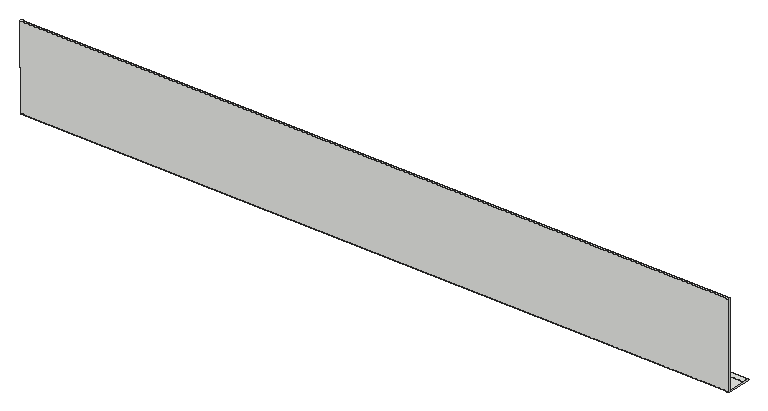
Revit family "PR688", category Mechanical Equipment, Revit 2018
Family settings
  Round Connector Dimension = Use Diameter
  Part Type = Normal
  OmniClass Number = 23.75.00.00
  OmniClass Title = Climate Control (HVAC)
  Work Plane-Based = No
  Always vertical = Yes
  Cut with Voids When Loaded = No
  Shared = No
  Room Calculation Point = No
Parameters (values of type "ISOLAMIN PR688 flashing")
  URL = "http://www.isolamin.se/"
  Thickness = "0.7 mm (Different thicknesses are available on request) \r\n0.7 mm (Different thicknesses are available on request) \r\n0.7 mm (Different thicknesses are available on request)"
  Profile Length = 1180 mm
  Model = "PR688"
  Material = "Galvanized Steel"
  Manufacturer = "ISOLAMIN AB"
  Edition = "1.0 (2018)"
Reference planes
  plane 1 "Center (Front/Back)": y = 0
  plane 2: z = 0
  plane 3 "Center (Left/Right)": x = 0
  plane 4: y = -1284.913
  plane 5: x = 1180
Forms (mm)
  Extrusion 1, solid, material "ISOLAMIN Surface Profile Material"
    sketch origin (0, 0, 0) x (0, 1, 0) y (0, 0, 1)
      loop
        line (1, 1) -> (1, 130) -> (2, 130) -> (2, 139.256)
        arc (2, 139.256) -> (1, 140) -> (0, 139.256) r 1.044
        line (0, 139.256) -> (0, 0.7)
        arc (0, 0.7) -> (0.205, 0.205) -> (0.7, 0) r 0.7
        line (0.7, 0) -> (39.256, 0)
        arc (39.256, 0) -> (40, 1) -> (39.256, 2) r 1.044
        line (39.256, 2) -> (30.7, 2) -> (30.7, 1) -> (1, 1)
    from 0 to 1180
Dimensions and locks
  "Profile Length": plane 3 "Center (Left/Right)" to plane 5
  aligned and locked: level to plane 2
  aligned and locked: plane 5 to Extrusion 1
Automatic sketch dimensions
  Extrusion 1 sketch curve to plane 1 "Center (Front/Back)" = 0 mm
  Extrusion 1 sketch curve to level = 0 mm
  Extrusion 1 sketch curve to plane 1 "Center (Front/Back)" = 0.7 mm
  Extrusion 1 sketch curve to plane 1 "Center (Front/Back)" = 1 mm  (x2)
  Extrusion 1 sketch curve to Extrusion 1 sketch curve = 1 mm
  level to Extrusion 1 sketch curve = 1 mm  (x2)
  Extrusion 1 sketch curve to Extrusion 1 sketch curve = 29.7 mm
  Extrusion 1 sketch curve to Extrusion 1 sketch curve = 8.256 mm
  Extrusion 1 sketch curve to Extrusion 1 sketch curve = 0.3 mm  (x3)
  Extrusion 1 sketch curve to Extrusion 1 sketch curve = 129 mm
  Extrusion 1 sketch curve to Extrusion 1 sketch curve = 8.956 mm
